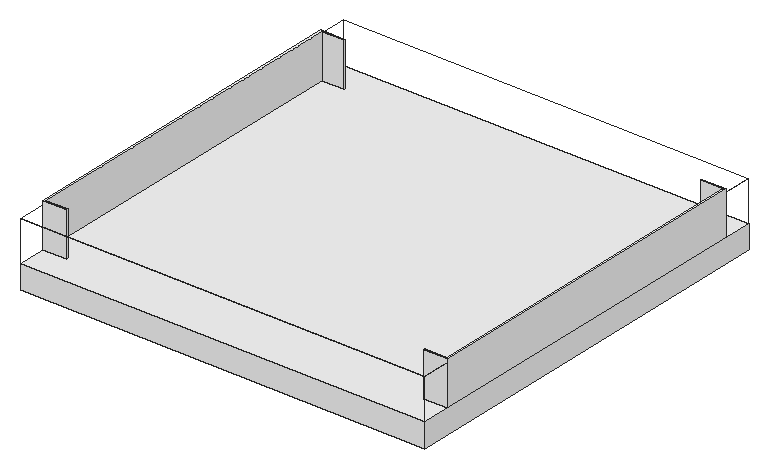
Revit family "Molior 4 Corner - Generic", category Lighting Fixtures, Revit 2014
Parameters (values of type "Molior 4 Corner 600x600 C")
  Wattage = 31 W
  WarrantyGuarantorParts = "n/a"
  WarrantyDurationParts = "n/a"
  WarrantyDescription = "n/a"
  built-in parameter 1150110 = 1 (stored number, unit not read)
  Version = "n/a"
  Uniclass2 = "Pr_70_70_49_43 Light-Emitting Diode (LED) Luminaires"
  Uniclass 1.4 = "JY73"
  TotalWattage = "Max. 33W"
  Total height with brackets = 100.00 mm
  built-in parameter 1114217 = 1 (stored number, unit not read)
  Tilt Angle = 90.00°
  built-in parameter 1150109 = 1 (stored number, unit not read)
  built-in parameter 1150134 = 12
  TagNumber = "n/a"
  SustainabilityPerformance = "n/a"
  built-in parameter 1150113 = 1 (stored number, unit not read)
  SupplyCircuitConductorConnections = "n/a"
  Size = "599 x 599 x 100 mm"
  Shape = "Square"
  ProductInformation = "http://riegens.com/molior-corner"
  PhotometricPerformance = "In accordance with BS EN 13032-1"
  Photometric Web File = "Molior 4 corner 31W 4000K Lens Clear.ies"
  PhaseReference = "IEC recommendations"
  Optic = "Direct Collimating TIR optic "
  NominalVoltage = "220-240V"
  ModelReference = "Molior 4 Corner 600x600 C"
  Material = "Steel and optic from PMMA."
  ManufacturersSpecificInformation = "n/a"
  ManufacturerURL = "www.riegens.com"
  Manufacturer = "Riegens A/S"
  built-in parameter 1150105 = 2456.8 (stored number, unit not read)
  Lumens = 3937 lm
  LuminaireType = "Recessed Direct LED Luminaire"
  LuminairePowerFactor = ">0,9"
  built-in parameter 1150115 = 1 (stored number, unit not read)
  LightSource = "LED 3000K / 4000K"
  LightFixturePlacingType = "Ceiling"
  LightFixtureMountingType = "Recessed"
  built-in parameter 1150137 = (empty or 0)
  built-in parameter 1150139 = (empty or 0)
  LampType = "LED"
  LampRating = "25W / 31W"
  LampColourRenderingIndex = "Ra>80 / Ra>90 on request"
  built-in parameter 1150112 = 1 (stored number, unit not read)
  built-in parameter 1150114 = 1 (stored number, unit not read)
  InternalFuse = "Only required in emergency versions"
  InsulationStandardClass = "Class 1"
  built-in parameter 1150132 = (empty or 0)
  built-in parameter 1150102 = (empty or 0)
  built-in parameter 1150107 = 4000 (stored number, unit not read)
  built-in parameter 1150138 = (empty or 0)
  built-in parameter 1150106 = 24.568 (stored number, unit not read)
  IfcExportType = "NOTDEFINED"
  IfcExportAs = "IfcLightFixtureType"
  IP_Code = "IP20"
  HasProtectiveEarth = "TRUE"
  Grade = "n/a"
  Glass = Riegens_Glass_opal
  Frame Width = 599.00 mm
  Frame Thickness = 35.00 mm
  Frame Length = 599.00 mm
  Frame = Riegens_Steel_Powder coated white RAL901025
  Finish = "Powder coated"
  Features = "n/a"
  built-in parameter 1150104 = 11.799 (stored number, unit not read)
  Documentation = "See URL hyperlink"
  DocumentReference = "See URL hyperlink"
  Dimming Lamp Color Temperature Shift = <None>
  Description = "70-80-35 General Lighting Systems"
  ControlGearPosition = "Integrated "
  Constituents = "n/a"
  Colour = "White"
  Color Filter = 16777215
  CodePerformance = "n/a"
  Clearance Zones Offset = 60.00 mm
  Clearance Zones = yes
  Cassette Width = 0.00 mm
  Cassette Depth = 0.00 mm
  CCSTopnode = "L"
  CCSClassName = "Belysningsarmatur"
  CCSClassCode = "UAC"
  Bracket for C ceilings = yes
  BarCode = "n/a"
  BallastsCELMAEnergyEfficiencyIndex = "Class A1/A2"
  built-in parameter 1114218 = 1 (stored number, unit not read)
  BSAB 96 = "SNB.2"
  BIMObjectName = "Molior 4 Corner 600x600 C.rfa"
  Author = "3dbyggeri"
  built-in parameter 1150133 = 10 (stored number, unit not read)
  AssetType = "Moveable/Fixed"
  AssetIdentifier = "n/a"
  ArticleNumber = "See URL hyperlink"
  AccessibilityPerformance = "n/a"
Types (6, lengths in mm): name | Size | ModelReference | Glass | Frame Width | Frame Length | Bracket for C ceilings | BIMObjectName
  (no name) | "599 x 599 x 100 mm" | "Molior 4 Corner 600x600 C" | Riegens_Glass_opal | 599.00 | 599.00 | yes | "Molior 4 Corner 600x600 C.rfa"
  Molior 4 Corner 625x625 C | "624 x 624 x 100 mm" | "Molior 4 Corner 625x625 C" | Riegens_Acryl (PMMA)_Prismatic | 624.00 | 624.00 | yes | "Molior 4 Corner 625x625 C.rfa"
  Molior 4 Corner 600x600 C | "599 x 599 x 100 mm" | "Molior 4 Corner 600x600 C" | Riegens_Glass_opal | 599.00 | 599.00 | yes | "Molior 4 Corner 600x600 C.rfa"
  Molior 4 Corner 600x600 SAS 130 | "584 x 584 x 35 mm" | "Molior 4 Corner 600x600 SAS 130" | Riegens_Acryl (PMMA)_Prismatic | 584.00 | 584.00 | no | "Molior 4 Corner 600x600 SAS 130.rfa"
  Molior 4 Corner 600x600 TL | "595 x 595 x 35 mm" | "Molior 4 Corner 600x600 TL" | Riegens_Acryl (PMMA)_Prismatic | 595.00 | 595.00 | no | "Molior 4 Corner 600x600 TL.rfa"
  Molior 4 Corner 625x625 TL | "620 x 620 x 35 mm" | "Molior 4 Corner 625x625 TL" | Riegens_Acryl (PMMA)_Prismatic | 620.00 | 620.00 | no | "Molior 4 Corner 625x625 TL.rfa"
Reference planes
  plane 1 "Center (Front/Back)": y = 0
  plane 2: z = 0
  plane 3 "Center (Left/Right)": x = 0
  plane 4: x = -299.5
  plane 5: x = 299.5
  plane 6: y = 299.5
  plane 7: y = -299.5
  plane 8: x = -275
  plane 9: y = 275
  plane 10: x = 275
  plane 11: y = -180
  plane 12: x = -180
  plane 13: y = 180
  plane 14: x = 180
  plane 15: y = -275
  plane 16: x = -67.5
  plane 17: x = 67.5
  plane 18: y = -67.5
  plane 19: y = 67.5
  plane 20: y = -257.5
  plane 21: y = 257.5
  plane 22: y = 255.5
  plane 23: y = -255.5
  plane 24: x = -297.5
  plane 25: x = 297.5
  plane 26: z = 100
  plane 27: z = 95
  plane 28: z = 35
Forms (mm)
  Extrusion 1, solid, material "Riegens_Steel_Powder coated white RAL901025" <- "Frame"
    sketch origin (0, 0, 0) x (1, 0, 0) y (0, 1, 0)
      loop
        line (-299.5, 299.5) -> (-299.5, -299.5) -> (299.5, -299.5) -> (299.5, 299.5) -> (-299.5, 299.5)
    from 0 to 35
  Extrusion 2, void
    sketch origin (0, 0, 0) x (1, 0, 0) y (0, 1, 0)
      loop
        arc (-275, 67.5) -> (-227.5, 33) -> (-180, 67.5) r 49.949
        line (-180, 67.5) -> (-180, 180) -> (-67.5, 180)
        arc (-67.5, 180) -> (-33, 227.5) -> (-67.5, 275) r 49.949
        line (-67.5, 275) -> (-227.5, 275)
        arc (-227.5, 275) -> (-261.088, 261.088) -> (-275, 227.5) r 47.5
        line (-275, 227.5) -> (-275, 67.5)
    from 0 to 2
  Extrusion 3, void
    sketch origin (0, 0, 0) x (-1, 0, 0) y (0, -1, 0)
      loop
        line (-275, -67.5) -> (-275, -227.5)
        arc (-275, -227.5) -> (-261.088, -261.088) -> (-227.5, -275) r 47.5
        line (-227.5, -275) -> (-67.5, -275)
        arc (-67.5, -275) -> (-33, -227.5) -> (-67.5, -180) r 49.949
        line (-67.5, -180) -> (-180, -180) -> (-180, -67.5)
        arc (-180, -67.5) -> (-227.5, -33) -> (-275, -67.5) r 49.949
    from 0 to 2
  Extrusion 4, void
    sketch origin (0, 0, 0) x (1, 0, 0) y (0, 1, 0)
      loop
        line (-275, -67.5) -> (-275, -227.5)
        arc (-275, -227.5) -> (-261.088, -261.088) -> (-227.5, -275) r 47.5
        line (-227.5, -275) -> (-67.5, -275)
        arc (-67.5, -275) -> (-33, -227.5) -> (-67.5, -180) r 49.949
        line (-67.5, -180) -> (-180, -180) -> (-180, -67.5)
        arc (-180, -67.5) -> (-227.5, -33) -> (-275, -67.5) r 49.949
    from 0 to 2
  Extrusion 5, void
    sketch origin (0, 0, 0) x (-1, 0, 0) y (0, -1, 0)
      loop
        arc (-275, 67.5) -> (-227.5, 33) -> (-180, 67.5) r 49.949
        line (-180, 67.5) -> (-180, 180) -> (-67.5, 180)
        arc (-67.5, 180) -> (-33, 227.5) -> (-67.5, 275) r 49.949
        line (-67.5, 275) -> (-227.5, 275)
        arc (-227.5, 275) -> (-261.088, 261.088) -> (-275, 227.5) r 47.5
        line (-275, 227.5) -> (-275, 67.5)
    from 0 to 2
  Extrusion 6, solid, material "Riegens_Glass_opal" <- "Glass"
    sketch origin (0, 0, 0) x (1, 0, 0) y (0, 1, 0)
      loop
        arc (-227.5, 275) -> (-261.088, 261.088) -> (-275, 227.5) r 47.5
        line (-275, 227.5) -> (-275, 67.5)
        arc (-275, 67.5) -> (-227.5, 33) -> (-180, 67.5) r 49.949
        line (-180, 67.5) -> (-180, 180) -> (-67.5, 180)
        arc (-67.5, 180) -> (-33, 227.5) -> (-67.5, 275) r 49.949
        line (-67.5, 275) -> (-227.5, 275)
    from 0 to 2
  Extrusion 7, solid, material "Riegens_Glass_opal" <- "Glass"
    sketch origin (0, 0, 0) x (1, 0, 0) y (0, 1, 0)
      loop
        arc (67.5, 275) -> (33, 227.5) -> (67.5, 180) r 49.949
        line (67.5, 180) -> (180, 180) -> (180, 67.5)
        arc (180, 67.5) -> (227.5, 33) -> (275, 67.5) r 49.949
        line (275, 67.5) -> (275, 227.5)
        arc (275, 227.5) -> (261.088, 261.088) -> (227.5, 275) r 47.5
        line (227.5, 275) -> (67.5, 275)
    from 0 to 2
  Extrusion 8, solid, material "Riegens_Glass_opal" <- "Glass"
    sketch origin (0, 0, 0) x (1, 0, 0) y (0, 1, 0)
      loop
        arc (-180, -67.5) -> (-227.5, -33) -> (-275, -67.5) r 49.949
        line (-275, -67.5) -> (-275, -227.5)
        arc (-275, -227.5) -> (-261.088, -261.088) -> (-227.5, -275) r 47.5
        line (-227.5, -275) -> (-67.5, -275)
        arc (-67.5, -275) -> (-33, -227.5) -> (-67.5, -180) r 49.949
        line (-67.5, -180) -> (-180, -180) -> (-180, -67.5)
    from 0 to 2
  Extrusion 9, solid, material "Riegens_Glass_opal" <- "Glass"
    sketch origin (0, 0, 0) x (1, 0, 0) y (0, 1, 0)
      loop
        arc (67.5, -180) -> (33, -227.5) -> (67.5, -275) r 49.949
        line (67.5, -275) -> (227.5, -275)
        arc (227.5, -275) -> (261.088, -261.088) -> (275, -227.5) r 47.5
        line (275, -227.5) -> (275, -67.5)
        arc (275, -67.5) -> (227.5, -33) -> (180, -67.5) r 49.949
        line (180, -67.5) -> (180, -180) -> (67.5, -180)
    from 0 to 2
  Extrusion 10, solid, material "Riegens_Steel_Powder coated white RAL901025" <- "Frame", visible <- "Bracket for C ceilings"
    sketch origin (0, 0, 35) x (1, 0, 0) y (0, 1, 0)
      loop
        line (-299.5, 257.5) -> (-299.5, -257.5) -> (-264.5, -257.5) -> (-264.5, -255.5) -> (-297.5, -255.5) -> (-297.5, 255.5) -> (-264.5, 255.5) -> (-264.5, 257.5) -> (-299.5, 257.5)
    from 0 to 65
  Extrusion 11, solid, material "Riegens_Steel_Powder coated white RAL901025" <- "Frame", visible <- "Bracket for C ceilings"
    sketch origin (0, 0, 35) x (-1, 0, 0) y (0, -1, 0)
      loop
        line (-299.5, -257.5) -> (-264.5, -257.5) -> (-264.5, -255.5) -> (-297.5, -255.5) -> (-297.5, 255.5) -> (-264.5, 255.5) -> (-264.5, 257.5) -> (-299.5, 257.5) -> (-299.5, -257.5)
    from 0 to 65
  Extrusion 12, solid, material "Clearance Zones", visible <- "Clearance Zones"
    sketch origin (0, 0, 0) x (1, 0, 0) y (0, 1, 0)
      loop
        line (-299.5, -299.5) -> (299.5, -299.5) -> (299.5, 299.5) -> (-299.5, 299.5) -> (-299.5, -299.5)
    from 0 to 95
Cuts and joins
  Extrusion 2, Extrusion 3, Extrusion 4, Extrusion 5 cuts Extrusion 1
Dimensions and locks
  equal spacing: plane 4, plane 3 "Center (Left/Right)", plane 5
  "Frame Width": plane 4 to plane 5
  equal spacing: plane 6, plane 1 "Center (Front/Back)", plane 7
  "Frame Length": plane 6 to plane 7
  plane 8 to plane 12 to plane 16 to plane 3 "Center (Left/Right)" to plane 17 to plane 14 to plane 10 = 95.00 mm locked, 112.50 mm locked, 67.50 mm locked, 67.50 mm locked, 112.50 mm locked, 95.00 mm locked
  plane 9 to plane 13 to plane 19 to plane 1 "Center (Front/Back)" to plane 18 to plane 11 to plane 15 = 95.00 mm locked, 112.50 mm locked, 67.50 mm locked, 67.50 mm locked, 112.50 mm locked, 95.00 mm locked
  locked: Extrusion 2 sketch curve to plane 16 at 15.449
  locked: Extrusion 2 sketch curve to plane 19 at 15.449
  locked: plane 9 to Extrusion 2 sketch curve at 47.5
  locked: plane 8 to Extrusion 2 sketch curve at 47.5
  locked: plane 9 to Extrusion 3 sketch curve at 47.5  (x2)
  locked: Extrusion 3 sketch curve to plane 10 at 47.5  (x2)
  locked: Extrusion 3 sketch curve to plane 19 at 15.449
  locked: plane 17 to Extrusion 3 sketch curve at 15.449
  locked: Extrusion 4 sketch curve to plane 15 at 47.5  (x2)
  locked: plane 8 to Extrusion 4 sketch curve at 47.5  (x2)
  locked: Extrusion 4 sketch curve to plane 18 at 15.449
  locked: Extrusion 4 sketch curve to plane 16 at 15.449
  locked: Extrusion 5 sketch curve to plane 10 at 47.5  (x2)
  locked: Extrusion 5 sketch curve to plane 15 at 47.5  (x2)
  locked: plane 17 to Extrusion 5 sketch curve at 15.449
  locked: Extrusion 5 sketch curve to plane 18 at 15.449
  plane 23 to plane 20 to plane 7 = 2.00 mm locked, 42.00 mm locked
  plane 6 to plane 21 to plane 22 = 42.00 mm locked, 2.00 mm locked
  locked: plane 4 to plane 24 at 2
  locked: plane 4 to Extrusion 10 sketch curve at 35  (x2)
  locked: plane 25 to plane 5 at 2
  locked: Extrusion 11 sketch curve to plane 5 at 35  (x2)
  "Total height with brackets": level to plane 26
  "Frame Thickness": plane 28 to plane 2
  "Clearance Zones Offset": plane 27 to plane 28
  aligned and locked: plane 2 to level
  aligned and locked: Extrusion 1 sketch curve to plane 6
  aligned and locked: Extrusion 1 sketch curve to plane 7
  aligned and locked: Extrusion 1 sketch curve to plane 4
  aligned and locked: Extrusion 1 sketch curve to plane 5
  aligned and locked: Extrusion 2 sketch curve to plane 8
  aligned and locked: Extrusion 2 sketch curve to plane 12
  aligned and locked: Extrusion 2 sketch curve to plane 9
  aligned and locked: Extrusion 2 sketch curve to plane 13
  aligned and locked: plane 13 to Extrusion 3 sketch curve
  aligned and locked: plane 9 to Extrusion 3 sketch curve
  aligned and locked: plane 14 to Extrusion 3 sketch curve
  aligned and locked: plane 10 to Extrusion 3 sketch curve
  aligned and locked: plane 8 to Extrusion 4 sketch curve
  aligned and locked: plane 12 to Extrusion 4 sketch curve
  aligned and locked: Extrusion 4 sketch curve to plane 11
  aligned and locked: Extrusion 4 sketch curve to plane 15
  aligned and locked: plane 11 to Extrusion 5 sketch curve
  aligned and locked: Extrusion 5 sketch curve to plane 14
  aligned and locked: Extrusion 5 sketch curve to plane 10
  aligned and locked: plane 15 to Extrusion 5 sketch curve
  aligned and locked: Extrusion 6 sketch curve to cut or joined group of Extrusion 1, Extrusion 2, Extrusion 3, Extrusion 4, Extrusion 5  (x6)
  aligned and locked: Extrusion 7 sketch curve to cut or joined group of Extrusion 1, Extrusion 2, Extrusion 3, Extrusion 4, Extrusion 5  (x6)
  aligned and locked: Extrusion 8 sketch curve to cut or joined group of Extrusion 1, Extrusion 2, Extrusion 3, Extrusion 4, Extrusion 5  (x6)
  aligned and locked: Extrusion 9 sketch curve to cut or joined group of Extrusion 1, Extrusion 2, Extrusion 3, Extrusion 4, Extrusion 5  (x6)
  aligned and locked: Extrusion 10 sketch curve to plane 20
  aligned and locked: plane 4 to Extrusion 10 sketch curve
  aligned and locked: Extrusion 10 sketch curve to plane 24
  aligned and locked: plane 23 to Extrusion 10 sketch curve
  aligned and locked: Extrusion 10 sketch curve to plane 21
  aligned and locked: Extrusion 10 sketch curve to plane 22
  aligned and locked: Extrusion 11 sketch curve to plane 5
  aligned and locked: plane 25 to Extrusion 11 sketch curve
  aligned and locked: Extrusion 11 sketch curve to plane 23
  aligned and locked: plane 20 to Extrusion 11 sketch curve
  aligned and locked: plane 21 to Extrusion 11 sketch curve
  aligned and locked: plane 22 to Extrusion 11 sketch curve
  aligned and locked: Extrusion 12 sketch curve to plane 7
  aligned and locked: Extrusion 12 sketch curve to plane 4
  aligned and locked: Extrusion 12 sketch curve to plane 6
  aligned and locked: Extrusion 12 sketch curve to plane 5
  aligned and locked: plane 3 "Center (Left/Right)" to imposter light
  aligned and locked: imposter light to plane 1 "Center (Front/Back)"
  aligned and locked: plane 2 to imposter light
  aligned and locked: Extrusion 10 to Extrusion 11
  aligned and locked: plane 26 to Extrusion 10
  aligned and locked: plane 28 to cut or joined group of Extrusion 1, Extrusion 2, Extrusion 3, Extrusion 4, Extrusion 5
  aligned and locked: plane 27 to Extrusion 12
Automatic sketch dimensions
  Extrusion 2 sketch curve to plane 16 = 0.00 mm  (x2)
  Extrusion 2 sketch curve to plane 19 = 0.00 mm  (x2)
  Extrusion 3 sketch curve to plane 17 = 0.00 mm
  Extrusion 3 sketch curve to plane 19 = 0.00 mm
  Extrusion 4 sketch curve to plane 16 = 0.00 mm
  plane 18 to Extrusion 4 sketch curve = 0.00 mm
  Extrusion 5 sketch curve to plane 17 = 0.00 mm
  plane 18 to Extrusion 5 sketch curve = 0.00 mm
  Extrusion 7 sketch curve to plane 9 = 0.00 mm
  Extrusion 7 sketch curve to plane 10 = 47.50 mm
Connectors
  electrical at (0, 0, 35)
    settings: on cut or joined group of Extrusion 1, Extrusion 2, Extrusion 3, Extrusion 4, Extrusion 5, index 1, voltage 0 V, apparent load 0 VA, apparent load phase1 0 VA, apparent load phase2 0 VA, apparent load phase3 0 VA, power factor 1, load classification "Other", number of poles 1, system type 31, power factor state 1, is connector primary yes, connector utility no, sub classification motor no, connector description ""
